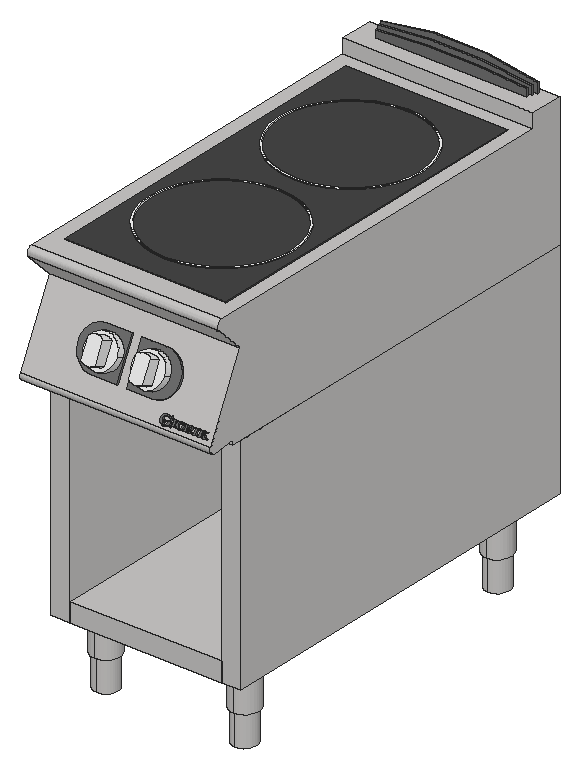
Revit family "QF_GIORIK_CV920G", category Specialty Equipment, Revit 2014
Parameters (values of type "CV920G")
  Weight in Pounds = 165.3465
  Watts = 6000 W
  Volts = 400 V
  URL Cutsheet = "www.giorik.com"
  URL = "www.giorik.com"
  Status [instance] = ""
  Specification by User [instance] = ""
  Specification by Manufacturer = ""
  Show Logo [instance] = yes
  Show Clearance [instance] = yes
  Serial Number = ""
  Seismic Rating = ""
  SMACNA No = ""
  Revision Code [instance] = ""
  Phase = 3
  Number of Poles [instance] = 3
  NAFEM Spec ID Number = ""
  Model = "CV920G"
  Min Ckt Ampacity = 0 A
  Max Overcurrent Protection = 0 A
  Masterspec = ""
  Manufacturer = "GIORIK"
  Item Number [instance] = ""
  Installed By [instance] = ""
  Identify Quantity as Lot [instance] = no
  HP = "8.046120000000"
  Furnished By [instance] = ""
  Foodservice Equipment Identifier [instance] = yes
  FL Amps = 0 A
  Electrical Remarks [instance] = ""
  Electric Connection Type [instance] = ""
  Elec Conn RI Height [instance] = 0 mm
  Elec Conn Connection Height [instance] = 0 mm
  Description = "CERAMIC GLASS HOB ON OPEN BASE UNIT"
  Cycle = 50 Hz
  Conn Plug = ""
  CSI MasterFormat = ""
  Assembly Code = "E1090320"
  Apparent Power = 6000 VA
Reference planes
  plane 1 "Back": y = 0
  plane 2: z = 0
  plane 3 "Left": x = 0
  plane 4 "Right": x = 400
  plane 5 "Front": y = -920
  plane 6 "Top": z = 900
Forms (mm)
  Extrusion 1, solid, visible <- "Show Logo"
    sketch origin (196.604, -936.761, 609.486) x (-1, 0, 0) y (0, 0.452718, 0.891654)
      loop
        line (-118.824, 58.358) -> (-127.804, 58.358) -> (-125.523, 56.445) -> (-125.523, 48.027) -> (-127.804, 46.113) -> (-118.824, 46.113) -> (-121.105, 48.027) -> (-121.105, 56.445) -> (-118.824, 58.358)
      loop
        line (-163.721, 58.358) -> (-172.7, 58.358) -> (-170.42, 56.445) -> (-170.42, 48.027) -> (-172.7, 46.113) -> (-163.721, 46.113) -> (-166.001, 48.027) -> (-166.001, 56.445) -> (-163.721, 58.358)
      loop
        line (-174.332, 58.358) -> (-183.312, 58.358) -> (-181.031, 56.445) -> (-181.031, 52.435) -> (-186.419, 56.955) -> (-184.416, 58.358) -> (-191.268, 58.358) -> (-188.01, 56.839) -> (-185.455, 54.283) -> (-190.846, 47.858) -> (-193.396, 46.93) -> (-193.396, 46.113) -> (-184.416, 46.113) -> (-185.437, 47.571) -> (-182.443, 51.552) -> (-181.031, 50.894) -> (-181.031, 48.027) -> (-183.312, 46.113) -> (-174.332, 46.113) -> (-176.613, 48.027) -> (-176.613, 56.445) -> (-174.332, 58.358)
      loop
        line (-115.429, 62.063) -> (-115.429, 54.198)
        arc (-115.429, 54.198) -> (-111.618, 57.803) -> (-106.847, 59.986) r 16.039
        arc (-106.847, 59.986) -> (-103.314, 59.837) -> (-100.512, 57.68) r 5.851
        arc (-100.512, 57.68) -> (-98.815, 52.267) -> (-100.512, 46.853) r 9.479
        arc (-100.512, 46.853) -> (-102.406, 44.986) -> (-104.846, 43.93) r 7.236
        arc (-104.846, 43.93) -> (-107.728, 44.111) -> (-110.052, 45.825) r 5.11
        line (-110.052, 45.825) -> (-110.052, 52.001) -> (-116.141, 52.001) -> (-116.141, 45.503) -> (-117.893, 43.751) -> (-114.094, 44.769)
        arc (-114.094, 44.769) -> (-112.56, 44.947) -> (-111.129, 44.366) r 3.115
        arc (-111.129, 44.366) -> (-104.216, 42.091) -> (-97.303, 44.366) r 11.641
        arc (-97.303, 44.366) -> (-93.396, 52.107) -> (-97.303, 59.849) r 9.622
        arc (-97.303, 59.849) -> (-104.369, 62.174) -> (-111.435, 59.849) r 11.898
        line (-111.435, 59.849) -> (-115.429, 62.063)
      loop
        arc (-129.234, 56.068) -> (-135.893, 58.628) -> (-142.552, 56.068) r 9.941
        arc (-142.552, 56.068) -> (-144.234, 52.286) -> (-142.552, 48.505) r 5.093
        arc (-142.552, 48.505) -> (-135.893, 45.945) -> (-129.234, 48.505) r 9.941
        arc (-129.234, 48.505) -> (-127.552, 52.286) -> (-129.234, 56.068) r 5.093
      loop
        arc (-132.628, 54.403) -> (-135.893, 57.668) -> (-139.158, 54.403) r 3.265
        line (-139.158, 54.403) -> (-139.158, 50.169)
        arc (-139.158, 50.169) -> (-135.893, 46.904) -> (-132.628, 50.169) r 3.265
        line (-132.628, 50.169) -> (-132.628, 54.403)
      loop
        arc (-156.363, 58.365) -> (-159.647, 55.081) -> (-156.363, 51.796) r 3.285
        line (-156.363, 51.796) -> (-159.529, 47.306) -> (-162.087, 46.113) -> (-155.847, 46.113) -> (-153.529, 51.083) -> (-150.637, 51.083) -> (-150.637, 47.784) -> (-153.022, 46.113) -> (-144.011, 46.113) -> (-146.094, 47.68) -> (-146.094, 56.493) -> (-144.229, 58.365) -> (-156.363, 58.365)
      loop
        line (-150.637, 57.512) -> (-153.637, 57.512)
        arc (-153.637, 57.512) -> (-156.237, 54.912) -> (-153.637, 52.312) r 2.6
        line (-153.637, 52.312) -> (-150.637, 52.312) -> (-150.637, 57.512)
      loop
        line (-108.924, 52.001) -> (-104.936, 49.005) -> (-100.948, 52.001) -> (-108.924, 52.001)
    from 1.5 to -0.5
  Extrusion 2, solid
    sketch origin (-16, 1025.81, 0) x (1, 0, 0) y (0, 1, 0)
      loop
        line (25, -1086.81) -> (25, -1156.81) -> (115, -1156.81) -> (115, -1086.81) -> (25, -1086.81)
    from 148 to 150
  Extrusion 3, solid
    sketch origin (-4, 0, 130) x (1, 0, 0) y (0, 1, 0)
      loop
        circle (54, -385) r 12.5
    from 0 to 20
  Extrusion 4, solid
    sketch origin (0, 800, -20) x (0, 1, 0) y (0, 0, 1)
      loop
        line (-800, 919.988) -> (-870, 919.988) -> (-870, 889.988) -> (-1688.806, 889.988)
        arc (-1688.806, 889.988) -> (-1699.151, 883.075) -> (-1696.724, 870.873) r 11.197
        line (-1696.724, 870.873) -> (-1640.876, 815.025) -> (-1718.948, 661.258)
        arc (-1718.948, 661.258) -> (-1718.233, 650.105) -> (-1708.118, 645.354) r 10.981
        line (-1708.118, 645.354) -> (-1660, 649.925) -> (-1660, 640) -> (-800, 640) -> (-800, 919.988)
    from 0 to 400
  Extrusion 5, solid
    sketch origin (0, -200, 599.536) x (1, 0, 0) y (0, 1, 0)
      loop
        line (0, -640) -> (40, -640) -> (40, 160) -> (360, 160) -> (360, -640) -> (400, -640) -> (400, 200) -> (0, 200) -> (0, -640)
    from -449.536 to 20.464
  Extrusion 6, solid
    sketch origin (0, -200, 0) x (1, 0, 0) y (0, 1, 0)
      loop
        line (40, 160) -> (40, -640) -> (360, -640) -> (360, 160) -> (40, 160)
    from 150 to 190
  Extrusion 7, solid
    sketch origin (-16, 360.81, 0) x (1, 0, 0) y (0, 1, 0)
      loop
        line (25, -1086.81) -> (25, -1156.81) -> (115, -1156.81) -> (115, -1086.81) -> (25, -1086.81)
    from 148 to 150
  Revolve 8, solid
    sketch origin (54, 360.81, 0) x (0, 1, 0) y (0, 0, 1)
      loop
        line (-1092.56, 66) -> (-1092.56, 148) -> (-1121.81, 148) -> (-1121.81, 0) -> (-1096.81, 0) -> (-1096.81, 66) -> (-1092.56, 66)
      axis (-1121.81, 0) -> (-1121.81, 148)
    angle from 0 to 360
  Revolve 9, solid
    sketch origin (54, 1025.81, 0) x (0, 1, 0) y (0, 0, 1)
      loop
        line (-1092.56, 66) -> (-1092.56, 148) -> (-1121.81, 148) -> (-1121.81, 0) -> (-1096.81, 0) -> (-1096.81, 66) -> (-1092.56, 66)
      axis (-1121.81, 0) -> (-1121.81, 148)
    angle from 0 to 360
  Extrusion 10, solid
    sketch origin (416, 360.81, 0) x (-1, 0, 0) y (0, -1, 0)
      loop
        line (25, 1086.81) -> (115, 1086.81) -> (115, 1156.81) -> (25, 1156.81) -> (25, 1086.81)
    from 148 to 150
  Revolve 11, solid
    sketch origin (346, 360.81, 0) x (0, 1, 0) y (0, 0, -1)
      loop
        line (-1092.56, -66) -> (-1096.81, -66) -> (-1096.81, 0) -> (-1121.81, 0) -> (-1121.81, -148) -> (-1092.56, -148) -> (-1092.56, -66)
      axis (-1121.81, 0) -> (-1121.81, -148)
    angle from 0 to 360
  Extrusion 12, solid
    sketch origin (416, -1217.81, 0) x (-1, 0, 0) y (0, -1, 0)
      loop
        line (25, -1086.81) -> (25, -1156.81) -> (115, -1156.81) -> (115, -1086.81) -> (25, -1086.81)
    from 148 to 150
  Revolve 13, solid
    sketch origin (346, -1217.81, 0) x (0, -1, 0) y (0, 0, 1)
      loop
        line (-1092.56, 66) -> (-1092.56, 148) -> (-1121.81, 148) -> (-1121.81, 0) -> (-1096.81, 0) -> (-1096.81, 66) -> (-1092.56, 66)
      axis (-1121.81, 0) -> (-1121.81, 148)
    angle from 0 to 360
  Extrusion 14, solid
    sketch origin (-273.221, -1163.345, 52.363) x (1, 0, 0) y (0, 0.452718, 0.891654)
      loop
        line (463.221, 676.25) -> (463.221, 766.25) -> (409.698, 766.25)
        arc (409.698, 766.25) -> (364.698, 721.25) -> (409.698, 676.25) r 45
        line (409.698, 676.25) -> (463.221, 676.25)
    from 48 to 50
  Extrusion 15, solid
    sketch origin (501.331, -1208.697, 74.959) x (-1, 0, 0) y (0, -0.45351, -0.891251)
      loop
        circle (351.331, -721.346) r 35
    from 0 to 15
  Extrusion 16, solid
    sketch origin (501.331, -1208.697, 74.959) x (-1, 0, 0) y (0, -0.45351, -0.891251)
      loop
        arc (336.331, -743.846) -> (351.331, -748.846) -> (366.331, -743.846) r 25
        line (366.331, -743.846) -> (366.331, -698.846)
        arc (366.331, -698.846) -> (351.331, -693.846) -> (336.331, -698.846) r 25
        line (336.331, -698.846) -> (336.331, -743.846)
    from 15 to 40
  Extrusion 17, solid
    sketch origin (673.255, -1163.345, 52.363) x (-1, 0, 0) y (0, -0.452718, -0.891654)
      loop
        line (463.221, -676.25) -> (409.698, -676.25)
        arc (409.698, -676.25) -> (364.698, -721.25) -> (409.698, -766.25) r 45
        line (409.698, -766.25) -> (463.221, -766.25) -> (463.221, -676.25)
    from 48 to 50
  Extrusion 18, solid
    sketch origin (-101.297, -1208.697, 74.959) x (1, 0, 0) y (0, 0.45351, 0.891251)
      loop
        circle (351.331, 721.346) r 35
    from 0 to 15
  Extrusion 19, solid
    sketch origin (-101.297, -1208.697, 74.959) x (1, 0, 0) y (0, 0.45351, 0.891251)
      loop
        line (336.331, 743.846) -> (336.331, 698.846)
        arc (336.331, 698.846) -> (351.331, 693.846) -> (366.331, 698.846) r 25
        line (366.331, 698.846) -> (366.331, 743.846)
        arc (366.331, 743.846) -> (351.331, 748.846) -> (336.331, 743.846) r 25
    from 15 to 40
  Extrusion 20, solid
    sketch origin (0, -215, 821) x (0, 1, 0) y (-1, 0, 0)
      loop
        line (-625, -30) -> (-625, -370) -> (115, -370) -> (115, -30) -> (-625, -30)
    from 48 to 50
  Extrusion 21, solid
    sketch origin (10, -531.5, 848.488) x (0, -1, 0) y (1, 0, 0)
      loop
        circle (-231.5, 189.999) r 150
      loop
        circle (-231.5, 189.999) r 146.5
    from 23 to 20.512
  Extrusion 22, solid
    sketch origin (-94, 0, -10.001) x (1, 0, 0) y (0, 0, 1)
      loop
        line (135, 909.989) -> (453, 909.989) -> (453, 925.527) -> (347.056, 931.749) -> (240.944, 931.749) -> (135, 925.527) -> (135, 909.989)
    from 32 to 35
  Extrusion 23, solid
    sketch origin (-92, 10, -10.001) x (1, 0, 0) y (0, 0, 1)
      loop
        line (454, 909.989) -> (454, 928.527) -> (346.162, 939.193) -> (237.838, 939.193) -> (130, 928.527) -> (130, 909.989) -> (454, 909.989)
    from 32 to 35
  Extrusion 24, solid
    sketch origin (-90, 20, -10.001) x (1, 0, 0) y (0, 0, 1)
      loop
        line (455, 909.989) -> (455, 930.527) -> (345.396, 947.413) -> (234.604, 947.413) -> (125, 930.527) -> (125, 909.989) -> (455, 909.989)
    from 32 to 35
  Extrusion 25, solid
    sketch origin (10, -871.5, 848.488) x (0, -1, 0) y (1, 0, 0)
      loop
        circle (-231.5, 189.999) r 150
      loop
        circle (-231.5, 189.999) r 146.5
    from 23 to 20.512
Lines and regions (mm)
  symbolic lines, style "200-EquipBorder-2D"
    curve 1: line (0, -920, 0) -> (400, -920, 0)
    curve 2: line (400, -920, 0) -> (400, 0, 0)
    curve 3: line (400, 0, 0) -> (0, 0, 0)
    curve 4: line (0, 0, 0) -> (0, -920, 0)
    curve 26: line (135, -927.413, 900) -> (135, -920, 900)
    curve 27: line (165, -927.413, 900) -> (165, -920, 900)
    curve 28: line (265.035, -927.413, 900) -> (265.035, -920, 900)
    curve 29: line (235.035, -927.413, 900) -> (235.035, -920, 900)
    curve 30: arc (265.035, -927.413, 900) -> (250.035, -929.647, 900) -> (235.035, -927.413, 900) r 51.488
    curve 31: arc (165, -927.413, 900) -> (150, -929.712, 900) -> (135, -927.413, 900) r 50.096
  symbolic lines, style "200-EquipInternal-2D"
    curve 5: line (35, -15, 899.988) -> (365, -15, 899.988)
    curve 6: line (365, -12, 899.988) -> (35, -12, 899.988)
    curve 7: line (38, -25, 899.988) -> (362, -25, 899.988)
    curve 8: line (362, -22, 899.988) -> (38, -22, 899.988)
    curve 9: line (41, -35, 899.988) -> (359, -35, 899.988)
    curve 10: line (359, -32, 899.988) -> (41, -32, 899.988)
    curve 11: line (365, -15, 899.988) -> (365, -12, 899.988)
    curve 12: line (362, -25, 899.988) -> (362, -22, 899.988)
    curve 13: line (359, -35, 899.988) -> (359, -32, 899.988)
    curve 14: line (41, -32, 899.988) -> (41, -35, 899.988)
    curve 15: line (38, -22, 899.988) -> (38, -25, 899.988)
    curve 16: line (35, -12, 899.988) -> (35, -15, 899.988)
    curve 17: line (0, -70, 899.988) -> (400, -70, 899.988)
    curve 18: line (30, -100, 900) -> (370, -100, 900)
    curve 19: line (30, -840, 900) -> (30, -100, 900)
    curve 20: line (370, -840, 900) -> (30, -840, 900)
    curve 21: line (370, -100, 900) -> (370, -840, 900)
    curve 22: circle (199.999, -300, 900) r 150 normal (0, 0, 1)
    curve 23: circle (199.999, -300, 900) r 146.5 normal (0, 0, 1)
    curve 24: circle (199.999, -640, 900) r 150 normal (0, 0, 1)
    curve 25: circle (199.999, -640, 900) r 146.5 normal (0, 0, 1)
Dimensions and locks
  plane 3 "Left" to plane 4 "Right" = 400 mm
  plane 5 "Front" to plane 1 "Back" = 920 mm
  plane 4 "Right" to plane 3 "Left" = 400 mm
  plane 1 "Back" to plane 5 "Front" = 920 mm
  plane 6 "Top" to level = 900 mm  (x2)
  aligned and locked: level to plane 2
Connectors
  electrical at (50, -385, 130), driven by "Apparent Power", driven by "Volts", driven by "Number of Poles"
    settings: on Extrusion 3, index 1, voltage 400 V, apparent load 0 VA, apparent load phase1 6000 VA, apparent load phase2 0 VA, apparent load phase3 0 VA, power factor 1, load classification "Other", number of poles 3, system type 31, power factor state 1, is connector primary yes, connector utility no, sub classification motor no, connector description "Electrical connection"
